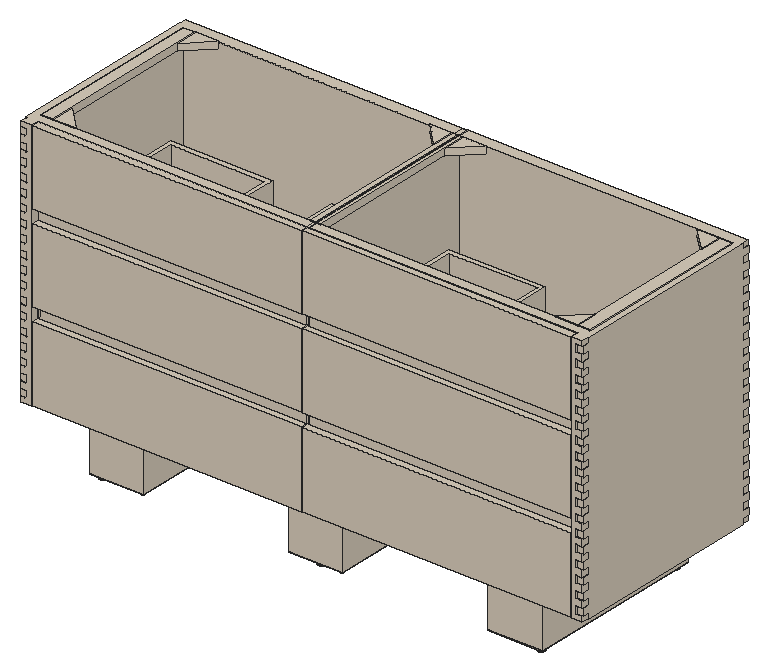
Revit family "Furniture-Floor_Mount-Vanity-KOHLER-Landshapes-K-32299", category Casework, host Face, Revit 2021 (continued)
Definition of nested family "K-32299"
  Automatic sketch dimensions
    Extrusion 14 sketch curve to plane 21 = 0.08428"  (x2)
    Extrusion 14 sketch curve to plane 21 = 0.05058"  (x2)
    Extrusion 14 sketch curve to plane 19 = 0.20239"  (x2)
    Extrusion 14 sketch curve to plane 19 = 0.01382"  (x2)
    plane 19 to Extrusion 14 sketch curve = 0.13349"  (x2)
    plane 20 to Extrusion 14 sketch curve = 0.13349"  (x2)
    Extrusion 14 sketch curve to plane 20 = 0.01382"  (x2)
    Extrusion 14 sketch curve to plane 20 = 0.20239"  (x2)
    Extrusion 14 sketch curve to plane 22 = 0.05058"  (x2)
    Extrusion 14 sketch curve to plane 22 = 0.08428"  (x2)
    Extrusion 14 sketch curve to Extrusion 14 sketch curve = 0.1254"
    Extrusion 14 sketch curve to Extrusion 14 sketch curve = 0.1591"
    Extrusion 14 sketch curve to Extrusion 14 sketch curve = 0.31673"  (x2)
    Extrusion 14 sketch curve to Extrusion 14 sketch curve = 0.03937"  (x6)
    plane 11 to Extrusion 14 sketch curve = 0.07874"  (x2)
    Extrusion 14 sketch curve to plane 11 = 0.03937"  (x2)
    Extrusion 14 sketch curve to plane 11 = 0.11811"  (x2)
    plane 16 to Extrusion 14 sketch curve = 1.13815"  (x2)
    Extrusion 14 sketch curve to Extrusion 14 sketch curve = 0.03938"  (x5)
    Extrusion 14 sketch curve to Extrusion 14 sketch curve = 0.07873"  (x3)
    Extrusion 14 sketch curve to Extrusion 14 sketch curve = 0.01931"  (x4)
    Extrusion 14 sketch curve to Extrusion 14 sketch curve = 0.06603"  (x4)
    Extrusion 14 sketch curve to Extrusion 14 sketch curve = 0.13258"  (x4)
    Extrusion 14 sketch curve to Extrusion 14 sketch curve = 0.26472"  (x4)
    Extrusion 14 sketch curve to Extrusion 14 sketch curve = 0.0152"  (x4)
    Extrusion 14 sketch curve to Extrusion 14 sketch curve = 0.15748"  (x4)
    Extrusion 14 sketch curve to Extrusion 14 sketch curve = 0.28226"  (x4)
    Extrusion 14 sketch curve to Extrusion 14 sketch curve = 0.02417"  (x7)
    Extrusion 14 sketch curve to Extrusion 14 sketch curve = 0.41732"  (x4)
    Extrusion 14 sketch curve to Extrusion 14 sketch curve = 0.02055"  (x4)
    Extrusion 14 sketch curve to Extrusion 14 sketch curve = 0.10665"  (x4)
    Extrusion 14 sketch curve to Extrusion 14 sketch curve = 0.2357"  (x4)
    Extrusion 14 sketch curve to Extrusion 14 sketch curve = 0.4089"
    Extrusion 14 sketch curve to Extrusion 14 sketch curve = 0.06654"  (x3)
    Extrusion 14 sketch curve to Extrusion 14 sketch curve = 0.3937"  (x3)
    Extrusion 14 sketch curve to Extrusion 14 sketch curve = 0.30512"  (x4)
    plane 17 to Extrusion 14 sketch curve = 4.27201"  (x2)
    Extrusion 14 sketch curve to Extrusion 14 sketch curve = 0.33379"
    Revolve 15 sketch curve to level = 0"
    level to Revolve 15 sketch curve = 0.04885"
    plane 15 to Revolve 15 sketch curve = 0.03972"
    Revolve 15 sketch curve to plane 13 = 2.41535"
    Revolve 15 sketch curve to Revolve 15 sketch curve = 0.34485"
    Revolve 15 sketch curve to Revolve 15 sketch curve = 0.16961"
    level to Revolve 15 sketch curve = 0.09531"
    Revolve 15 sketch curve to Revolve 15 sketch curve = 0"
    Revolve 16 sketch curve to level = 0"
    level to Revolve 16 sketch curve = 0.04885"
    plane 15 to Revolve 16 sketch curve = 0.03972"
    plane 19 to Revolve 16 sketch curve = 2.55906"
    Revolve 16 sketch curve to Revolve 16 sketch curve = 0.3937"
    Revolve 16 sketch curve to Revolve 16 sketch curve = 0.16961"
    level to Revolve 16 sketch curve = 0.09531"
    Revolve 16 sketch curve to Revolve 16 sketch curve = 0"
    Masking region 1 sketch curve to plane 7 = 0"
    plane 5 "Front" to Masking region 1 sketch curve = 0"  (x3)
    Masking region 1 sketch curve to plane 10 = 0"
    Masking region 1 sketch curve to plane 29 = 0"
    Masking region 1 sketch curve to plane 9 = 0"
    Masking region 1 sketch curve to plane 37 = 0"
    Masking region 1 sketch curve to Masking region 1 sketch curve = 0.11811"
    plane 10 to Masking region 1 sketch curve = 0.27559"
    plane 29 to Masking region 1 sketch curve = 0.27559"
    Masking region 1 sketch curve to plane 29 = 0.11811"
    Masking region 1 sketch curve to plane 5 "Front" = 0.74803"  (x2)
    Masking region 1 sketch curve to Masking region 1 sketch curve = 0.07874"  (x2)
    Masking region 2 sketch curve to plane 6 "Top" = 0"
    Masking region 2 sketch curve to plane 7 = 0"
    Masking region 2 sketch curve to plane 16 = 0"  (x4)
    Masking region 2 sketch curve to plane 15 = 0"  (x6)
    Masking region 2 sketch curve to level = 0"  (x3)
    Masking region 2 sketch curve to plane 2 "Center (Left/Right)" = 0"
    plane 8 to Masking region 2 sketch curve = 0"
    plane 28 "2" to Masking region 2 sketch curve = 0"  (x2)
    plane 37 to Masking region 2 sketch curve = 0"
    plane 15 to Masking region 2 sketch curve = 0.11811"  (x6)
    plane 19 to Masking region 2 sketch curve = 2.04724"
    Masking region 2 sketch curve to Masking region 2 sketch curve = 0.11811"  (x6)
    level to Masking region 2 sketch curve = 0.07607"  (x6)
    Masking region 2 sketch curve to Masking region 2 sketch curve = 0.19685"  (x2)
    Masking region 2 sketch curve to Masking region 2 sketch curve = 0.31763"  (x4)
    plane 13 to Masking region 2 sketch curve = 2.51575"
    plane 2 "Center (Left/Right)" to Masking region 2 sketch curve = 2.75591"
    Masking region 2 sketch curve to plane 22 = 0.28414"
    plane 8 to Masking region 2 sketch curve = 0.3937"
    Masking region 2 sketch curve to plane 8 = 0.31763"
    Masking region 2 sketch curve to plane 36 = 0.38516"
    plane 31 to Masking region 2 sketch curve = 2.67323"
    Masking region 2 sketch curve to plane 31 = 2.12992"
    Masking region 3 sketch curve to plane 9 = 0"
    plane 6 "Top" to Masking region 3 sketch curve = 0"
    Masking region 3 sketch curve to plane 16 = 0"  (x2)
    Masking region 3 sketch curve to plane 23 = 0"
    Masking region 3 sketch curve to plane 15 = 0"  (x3)
    Masking region 3 sketch curve to level = 0"  (x2)
    Masking region 3 sketch curve to plane 25 = 0"
    Masking region 3 sketch curve to plane 5 "Front" = 0"
    Masking region 3 sketch curve to plane 9 = 0.07874"
    plane 23 to Masking region 3 sketch curve = 0.11811"
    Masking region 3 sketch curve to Masking region 3 sketch curve = 0.19685"  (x2)
    Masking region 3 sketch curve to Masking region 3 sketch curve = 0.0701"  (x2)
    level to Masking region 3 sketch curve = 0.0701"  (x2)
    plane 25 to Masking region 3 sketch curve = 0.35804"
    Masking region 3 sketch curve to plane 24 = 0.35477"
    plane 24 to Masking region 3 sketch curve = 0.07338"
    Masking region 3 sketch curve to Masking region 3 sketch curve = 0.28423"
    plane 15 to Masking region 3 sketch curve = 0.11811"  (x2)
    Masking region 3 sketch curve to Masking region 3 sketch curve = 0.11811"
    Masking region 3 sketch curve to plane 5 "Front" = 0.07874"
    Masking region 3 sketch curve to Masking region 3 sketch curve = 0.07874"  (x2)
    curve 165 to plane 9 = 0"
    curve 218 to plane 9 = 0"
    curve 217 to plane 9 = 0"
    curve 215 to plane 9 = 0"
    curve 214 to plane 9 = 0"
    curve 167 to plane 9 = 0"
    curve 212 to plane 9 = 0"
    curve 211 to plane 9 = 0"
    curve 169 to plane 9 = 0"
    curve 209 to plane 9 = 0"
    curve 208 to plane 9 = 0"
    curve 170 to plane 9 = 0"
    curve 206 to plane 9 = 0"
    curve 205 to plane 9 = 0"
    curve 172 to plane 9 = 0"
    curve 203 to plane 9 = 0"
    curve 202 to plane 9 = 0"
    curve 173 to plane 9 = 0"
    curve 200 to plane 9 = 0"
    curve 199 to plane 9 = 0"
    curve 175 to plane 9 = 0"
    curve 197 to plane 9 = 0"
    curve 196 to plane 9 = 0"
    curve 176 to plane 9 = 0"
    curve 194 to plane 9 = 0"
    curve 193 to plane 9 = 0"
    curve 178 to plane 9 = 0"
    curve 220 to plane 9 = 0"
    curve 191 to plane 9 = 0"
    curve 179 to plane 9 = 0"
    curve 190 to plane 9 = 0"
    curve 188 to plane 9 = 0"
    curve 181 to plane 9 = 0"
    curve 187 to plane 9 = 0"
    curve 185 to plane 9 = 0"
    curve 182 to plane 9 = 0"
    curve 184 to plane 9 = 0"
    curve 183 to plane 23 = 0"
    curve 185 to plane 23 = 0"
    curve 181 to plane 23 = 0"
    curve 188 to plane 23 = 0"
    curve 191 to plane 23 = 0"
    curve 178 to plane 23 = 0"
    curve 194 to plane 23 = 0"
    curve 197 to plane 23 = 0"
    curve 175 to plane 23 = 0"
    curve 200 to plane 23 = 0"
    curve 203 to plane 23 = 0"
    curve 172 to plane 23 = 0"
    curve 206 to plane 23 = 0"
    curve 209 to plane 23 = 0"
    curve 169 to plane 23 = 0"
    curve 212 to plane 23 = 0"
    curve 215 to plane 23 = 0"
    plane 6 "Top" to curve 166 = 0"
    curve 166 to plane 23 = 0"
    curve 218 to plane 23 = 0"
    curve 221 to plane 23 = 0"
    curve 222 to plane 15 = 0"
    plane 6 "Top" to curve 224 = 0"
    curve 277 to plane 16 = 0"
    curve 260 to plane 5 "Front" = 0"
    curve 258 to plane 5 "Front" = 0"
    curve 263 to plane 5 "Front" = 0"
    curve 257 to plane 5 "Front" = 0"
    curve 255 to plane 5 "Front" = 0"
    curve 264 to plane 5 "Front" = 0"
    curve 254 to plane 5 "Front" = 0"
    curve 252 to plane 5 "Front" = 0"
    curve 266 to plane 5 "Front" = 0"
    curve 251 to plane 5 "Front" = 0"
    curve 249 to plane 5 "Front" = 0"
    curve 267 to plane 5 "Front" = 0"
    curve 248 to plane 5 "Front" = 0"
    curve 246 to plane 5 "Front" = 0"
    curve 269 to plane 5 "Front" = 0"
    curve 245 to plane 5 "Front" = 0"
    curve 243 to plane 5 "Front" = 0"
    curve 270 to plane 5 "Front" = 0"
    curve 242 to plane 5 "Front" = 0"
    curve 240 to plane 5 "Front" = 0"
    curve 272 to plane 5 "Front" = 0"
    curve 239 to plane 5 "Front" = 0"
    curve 237 to plane 5 "Front" = 0"
    curve 273 to plane 5 "Front" = 0"
    curve 236 to plane 5 "Front" = 0"
    curve 234 to plane 5 "Front" = 0"
    curve 275 to plane 5 "Front" = 0"
    curve 233 to plane 5 "Front" = 0"
    curve 231 to plane 5 "Front" = 0"
    curve 276 to plane 5 "Front" = 0"
    curve 230 to plane 5 "Front" = 0"
    curve 228 to plane 5 "Front" = 0"
    curve 227 to plane 5 "Front" = 0"
    curve 261 to plane 5 "Front" = 0"
    curve 225 to plane 5 "Front" = 0"
    curve 223 to plane 5 "Front" = 0"
    curve 224 to curve 223 = 0.74803"
    curve 226 to curve 227 = 0.74803"
    curve 228 to curve 228 = 0.74803"
    curve 277 to curve 276 = 0.74803"
    curve 231 to curve 231 = 0.74803"
    curve 275 to curve 276 = 0"
    curve 234 to curve 234 = 0.74803"
    curve 237 to curve 237 = 0.74803"
    curve 272 to curve 272 = 0.74803"
    curve 240 to curve 240 = 0.74803"
    curve 243 to plane 18 = 0.05906"
    curve 243 to curve 243 = 0.74803"
    curve 269 to curve 269 = 0.74803"
    curve 246 to curve 246 = 0.74803"
    curve 249 to curve 249 = 0.74803"
    curve 266 to curve 266 = 0.74803"
    curve 252 to curve 252 = 0.74803"
    curve 255 to curve 255 = 0.74803"
    curve 263 to curve 263 = 0.74803"
    curve 258 to curve 258 = 0.74803"
    curve 277 to curve 276 = 0.57087"
    curve 219 to curve 219 = 0.57087"
    curve 276 to curve 275 = 0.74803"
    curve 218 to curve 216 = 0.74803"
    curve 274 to curve 274 = 0.74803"
    curve 216 to curve 215 = 0.74803"
    curve 273 to curve 272 = 0.74803"
    curve 215 to curve 214 = 0.74803"
    curve 213 to curve 213 = 0.74803"
    curve 271 to curve 271 = 0.74803"
    curve 212 to curve 210 = 0.74803"
    curve 270 to curve 269 = 0.74803"
    curve 209 to plane 17 = 0.03543"
    curve 267 to plane 17 = 0.03543"
    plane 17 to curve 208 = 0.7126"
    plane 17 to curve 266 = 0.7126"
    curve 207 to curve 206 = 0.74803"
    curve 265 to curve 265 = 0.74803"
    curve 264 to curve 263 = 0.74803"
    curve 206 to curve 205 = 0.74803"
    curve 262 to curve 261 = 0.74803"
    curve 204 to curve 204 = 0.74803"
    curve 203 to curve 201 = 0.74803"
    curve 261 to curve 259 = 0.74803"
    curve 201 to curve 201 = 0.74803"
    curve 259 to curve 258 = 0.74803"
    curve 200 to curve 198 = 0.74803"
    curve 258 to curve 256 = 0.74803"
    curve 198 to curve 198 = 0.74803"
    curve 256 to curve 255 = 0.74803"
    curve 197 to curve 196 = 0.74803"
    curve 255 to curve 253 = 0.74803"
    curve 253 to curve 252 = 0.74803"
    curve 195 to curve 195 = 0.74803"
    curve 252 to curve 250 = 0.74803"
    curve 194 to curve 193 = 0.74803"
    curve 250 to curve 249 = 0.74803"
    curve 192 to curve 191 = 0.74803"
    curve 191 to curve 190 = 0.74803"
    curve 249 to curve 248 = 0.74803"
    curve 247 to curve 246 = 0.74803"
    curve 189 to curve 188 = 0.74803"
    curve 188 to curve 187 = 0.74803"
    curve 245 to curve 243 = 0.74803"
    curve 185 to plane 18 = 0.05906"
    plane 18 to curve 241 = 0.68898"
    plane 18 to curve 183 = 0.68898"
    curve 241 to curve 241 = 0.74803"
    curve 183 to curve 182 = 0.74803"
    curve 240 to curve 238 = 0.74803"
    curve 182 to curve 180 = 0.74803"
    curve 180 to curve 180 = 0.74803"
    curve 238 to curve 238 = 0.74803"
    curve 237 to curve 235 = 0.74803"
    curve 179 to curve 178 = 0.74803"
    curve 235 to curve 235 = 0.74803"
    curve 177 to curve 176 = 0.74803"
    curve 176 to curve 174 = 0.74803"
    curve 234 to curve 232 = 0.74803"
    curve 232 to curve 232 = 0.74803"
    curve 174 to curve 173 = 0.74803"
    curve 231 to curve 229 = 0.74803"
    curve 173 to curve 172 = 0.74803"
    curve 171 to curve 170 = 0.74803"
    curve 229 to curve 228 = 0.74803"
    curve 170 to curve 168 = 0.74803"
    curve 228 to curve 226 = 0.74803"
    curve 226 to curve 226 = 0.74803"
    curve 168 to curve 168 = 0.74803"
    curve 165 to curve 166 = 0.57087"
    curve 224 to curve 224 = 0.57087"
    plane 23 to curve 222 = 0.11811"
    level to curve 278 = 0.0701"
    curve 222 to curve 278 = 0.19685"
    plane 25 to curve 278 = 0.42815"
    level to curve 279 = 0.0701"
    curve 279 to plane 24 = 0.35477"
    plane 24 to curve 279 = 0.42771"
    curve 279 to curve 222 = 0.20221"
    curve 222 to curve 221 = 0.11811"
    curve 220 to plane 5 "Front" = 0.00984"
    plane 15 to curve 221 = 0.11811"
    plane 18 to Extrusion 17 sketch curve = 1.81102"
    Extrusion 17 sketch curve to plane 24 = 4.7412"
    plane 18 to Extrusion 17 sketch curve = 0.97586"
    Extrusion 17 sketch curve to Extrusion 17 sketch curve = 0.83517"  (x2)
    Extrusion 17 sketch curve to plane 24 = 0.73964"
    plane 24 to Extrusion 17 sketch curve = 0.09553"
    Extrusion 17 sketch curve to plane 5 "Front" = 1.15852"
    Extrusion 17 sketch curve to Extrusion 17 sketch curve = 2.67717"
    plane 18 to Extrusion 18 sketch curve = 1.81102"
    Extrusion 18 sketch curve to plane 24 = 4.7412"
    plane 18 to Extrusion 18 sketch curve = 0.97586"
    Extrusion 18 sketch curve to Extrusion 18 sketch curve = 0.83517"  (x2)
    Extrusion 18 sketch curve to plane 24 = 0.73964"
    plane 24 to Extrusion 18 sketch curve = 0.09553"
    Extrusion 18 sketch curve to plane 5 "Front" = 1.15852"
    Extrusion 18 sketch curve to Extrusion 18 sketch curve = 2.67717"
    plane 23 to Extrusion 20 sketch curve = 0"
    plane 24 to Extrusion 20 sketch curve = 0.74803"
    plane 19 to Extrusion 20 sketch curve = 2.04724"
    plane 13 to Extrusion 20 sketch curve = 2.63386"
    Extrusion 22 sketch curve to Extrusion 22 sketch curve = 0"  (x4)
    plane 24 to Extrusion 22 sketch curve = 0"  (x2)
    plane 25 to Extrusion 22 sketch curve = 0.07874"  (x2)
    Extrusion 22 sketch curve to plane 13 = 2.41535"  (x2)
    Extrusion 22 sketch curve to plane 8 = 0.01969"  (x2)
    Extrusion 22 sketch curve to Extrusion 22 sketch curve = 0.3937"
    plane 8 to Extrusion 22 sketch curve = 0.37402"
    Extrusion 23 sketch curve to plane 25 = 0.23622"
    Extrusion 23 sketch curve to plane 10 = 0.61024"
    plane 8 to Extrusion 23 sketch curve = 0.49213"
    plane 24 to Extrusion 23 sketch curve = 0.7874"
    plane 23 to Sweep 24 sketch curve = 0"
    plane 24 to Sweep 24 sketch curve = 0.74803"
    plane 33 to Sweep 24 sketch curve = 2.04724"
    plane 31 to Sweep 24 sketch curve = 2.63386"
    profile plane to Sweep 24 sketch curve = 0"
    profile plane to Sweep 24 sketch curve = 0.11832"
    Sweep 24 sketch curve to Sweep 24 sketch curve = 0.07853"
    level to Sweep 24 sketch curve = 0.3151"
    Sweep 24 sketch curve to Sweep 24 sketch curve = 0.11832"
    Sweep 24 sketch curve to Sweep 24 sketch curve = 5.7874"
    plane 23 to Sweep 25 sketch curve = 0"
    Sweep 25 sketch curve to plane 22 = 0.25591"
    Sweep 25 sketch curve to plane 36 = 0.29528"
    plane 24 to Sweep 25 sketch curve = 0.74803"
    profile plane to Sweep 25 sketch curve = 0"
    Sweep 25 sketch curve to profile plane = 0.11832"
    Sweep 25 sketch curve to profile plane = 0.19685"
    level to Sweep 25 sketch curve = 0.3151"
    Sweep 25 sketch curve to Sweep 25 sketch curve = 0.11832"
    Sweep 25 sketch curve to Sweep 25 sketch curve = 5.7874"
    plane 23 to Extrusion 26 sketch curve = 0.19685"  (x2)
    plane 33 to Extrusion 26 sketch curve = 2.24409"
    plane 24 to Extrusion 26 sketch curve = 0.55118"  (x2)
    plane 31 to Extrusion 26 sketch curve = 2.43701"
    Extrusion 26 sketch curve to plane 36 = 0.49213"
    Extrusion 26 sketch curve to plane 22 = 0.45276"
    plane 5 "Front" to Extrusion 27 sketch curve = 0"
    Extrusion 27 sketch curve to plane 37 = 0"
    Extrusion 27 sketch curve to plane 9 = 0"
    Extrusion 27 sketch curve to plane 25 = 0.19685"
    Extrusion 27 sketch curve to plane 29 = 0.61024"
    Extrusion 27 sketch curve to plane 29 = 0.21654"
    Extrusion 27 sketch curve to plane 29 = 0.11811"
    Extrusion 27 sketch curve to plane 8 = 0.35433"
    plane 8 to Extrusion 27 sketch curve = 0.05906"
    plane 8 to Extrusion 27 sketch curve = 0.3937"
    plane 24 to Extrusion 27 sketch curve = 0.82677"
    Extrusion 27 sketch curve to plane 5 "Front" = 0.82677"
    Extrusion 28 sketch curve to plane 5 "Front" = 0"  (x18)
    Extrusion 28 sketch curve to plane 23 = 0"  (x19)
    Extrusion 28 sketch curve to plane 9 = 0"  (x18)
    Extrusion 28 sketch curve to plane 16 = 0.1965"  (x2)
    plane 5 "Front" to Extrusion 28 sketch curve = 0.82677"
    Extrusion 28 sketch curve to Extrusion 28 sketch curve = 0.74803"  (x77)
    Extrusion 28 sketch curve to Extrusion 28 sketch curve = 0"  (x2)
    plane 9 to Extrusion 28 sketch curve = 0.82677"
    plane 16 to Extrusion 28 sketch curve = 0.61059"  (x2)
    Extrusion 28 sketch curve to plane 17 = 0.74374"  (x2)
    plane 17 to Extrusion 28 sketch curve = 0.00429"  (x2)
    Extrusion 28 sketch curve to plane 18 = 0.01933"  (x2)
    plane 18 to Extrusion 28 sketch curve = 0.7287"  (x2)
    plane 6 "Top" to Extrusion 28 sketch curve = 0.53114"  (x2)
    Extrusion 28 sketch curve to plane 6 "Top" = 0.03972"  (x2)
    plane 37 to Extrusion 29 sketch curve = 0"  (x19)
    Extrusion 29 sketch curve to plane 6 "Top" = 0.25626"
    Extrusion 29 sketch curve to Extrusion 29 sketch curve = 0.59055"
    Extrusion 29 sketch curve to plane 29 = 0.61024"  (x18)
    Extrusion 29 sketch curve to plane 18 = 0.01933"
    plane 6 "Top" to Extrusion 29 sketch curve = 0.53114"
    Extrusion 29 sketch curve to Extrusion 29 sketch curve = 0.74803"  (x30)
    plane 18 to Extrusion 29 sketch curve = 0.7287"
    plane 17 to Extrusion 29 sketch curve = 0.00429"
    Extrusion 29 sketch curve to plane 17 = 0.74374"
    plane 16 to Extrusion 29 sketch curve = 0.61059"
    Extrusion 29 sketch curve to plane 16 = 0.37366"
    plane 29 to Extrusion 30 sketch curve = 0"  (x3)
    Extrusion 30 sketch curve to plane 8 = 0.05906"  (x3)
    plane 6 "Top" to Extrusion 30 sketch curve = 0.03902"
    plane 18 to Extrusion 30 sketch curve = 2.12634"
    plane 18 to Extrusion 30 sketch curve = 0.66964"
    plane 17 to Extrusion 30 sketch curve = 4.5909"
    Extrusion 30 sketch curve to Extrusion 30 sketch curve = 1.45669"
    plane 16 to Extrusion 30 sketch curve = 0.03972"
    Extrusion 31 sketch curve to plane 25 = 0.19685"
    Extrusion 31 sketch curve to plane 29 = 0.61024"
    Extrusion 31 sketch curve to plane 30 = 0.61024"
    plane 24 to Extrusion 31 sketch curve = 0.82677"
    Extrusion 32 sketch curve to plane 29 = 0.61024"
    plane 29 to Extrusion 32 sketch curve = 0.70866"
    plane 33 to Extrusion 32 sketch curve = 0.63386"  (x2)
    Extrusion 32 sketch curve to plane 25 = 0.19685"  (x2)
    Extrusion 32 sketch curve to plane 36 = 0.17717"
    Extrusion 32 sketch curve to plane 8 = 0.54724"
    Extrusion 32 sketch curve to plane 11 = 1.34252"
    plane 25 to Extrusion 32 sketch curve = 2.30709"  (x2)
    Extrusion 32 sketch curve to plane 24 = 1.67717"
    plane 24 to Extrusion 32 sketch curve = 0.82677"  (x2)
    plane 29 to Extrusion 33 sketch curve = 0.70866"  (x2)
    Extrusion 33 sketch curve to Extrusion 33 sketch curve = 0.04205"  (x8)
    Extrusion 33 sketch curve to plane 8 = 0.58929"  (x2)
    Extrusion 33 sketch curve to plane 25 = 0.19685"  (x2)
    plane 25 to Extrusion 33 sketch curve = 2.26504"  (x2)
    Extrusion 33 sketch curve to plane 24 = 1.67717"  (x2)
    plane 24 to Extrusion 33 sketch curve = 0.82677"  (x2)
    plane 29 to Extrusion 35 sketch curve = 0.27559"
    Extrusion 35 sketch curve to Extrusion 35 sketch curve = 0.3937"
    plane 30 to Extrusion 35 sketch curve = 0.86614"
    plane 30 to Extrusion 35 sketch curve = 0.27559"
    plane 25 to Extrusion 35 sketch curve = 2.51969"
    Extrusion 35 sketch curve to Extrusion 35 sketch curve = 0.51181"
    Extrusion 35 sketch curve to plane 5 "Front" = 1.29921"
    Extrusion 35 sketch curve to plane 5 "Front" = 0.7874"
    plane 29 to Extrusion 36 sketch curve = 0.66929"
    Extrusion 36 sketch curve to plane 8 = 0.09843"
    Extrusion 36 sketch curve to plane 5 "Front" = 0.90551"
    plane 29 to Extrusion 37 sketch curve = 0.66929"
    plane 30 to Extrusion 37 sketch curve = 0.86614"
    plane 12 to Extrusion 37 sketch curve = 2.32283"
    Extrusion 37 sketch curve to plane 5 "Front" = 0.90551"
    plane 29 to Extrusion 38 sketch curve = 0"  (x2)
    Extrusion 38 sketch curve to plane 30 = 0"  (x2)
    Extrusion 38 sketch curve to plane 29 = 0.03937"  (x2)
    Extrusion 38 sketch curve to Extrusion 38 sketch curve = 0.07874"  (x8)
    Extrusion 38 sketch curve to plane 29 = 0.11811"  (x2)
    Extrusion 38 sketch curve to Extrusion 38 sketch curve = 0.19685"  (x4)
    plane 29 to Extrusion 38 sketch curve = 0.07874"  (x2)
    Extrusion 38 sketch curve to Extrusion 38 sketch curve = 0"  (x16)
    plane 29 to Extrusion 38 sketch curve = 0.66929"  (x2)
    Extrusion 38 sketch curve to Extrusion 38 sketch curve = 0.10128"  (x4)
    Extrusion 38 sketch curve to Extrusion 38 sketch curve = 0.30479"  (x4)
    Extrusion 38 sketch curve to Extrusion 38 sketch curve = 0.01518"  (x4)
    Extrusion 38 sketch curve to Extrusion 38 sketch curve = 0.13257"  (x3)
    Extrusion 38 sketch curve to Extrusion 38 sketch curve = 0.14775"
    Extrusion 38 sketch curve to Extrusion 38 sketch curve = 0.10365"  (x4)
    Extrusion 38 sketch curve to Extrusion 38 sketch curve = 0.14302"  (x2)
    Extrusion 38 sketch curve to Extrusion 38 sketch curve = 0.02419"  (x4)
    Extrusion 38 sketch curve to plane 35 = 0.20968"
    Extrusion 38 sketch curve to Extrusion 38 sketch curve = 0.19133"
    Extrusion 38 sketch curve to plane 35 = 0.08428"  (x2)
    Extrusion 38 sketch curve to plane 35 = 0.05058"  (x2)
    Extrusion 38 sketch curve to plane 33 = 0.20239"  (x2)
    Extrusion 38 sketch curve to plane 33 = 0.01382"  (x2)
    plane 33 to Extrusion 38 sketch curve = 0.13349"  (x2)
    plane 34 to Extrusion 38 sketch curve = 0.13349"  (x2)
    Extrusion 38 sketch curve to plane 34 = 0.01382"  (x2)
    Extrusion 38 sketch curve to plane 34 = 0.20239"  (x2)
    Extrusion 38 sketch curve to plane 36 = 0.05058"  (x2)
    Extrusion 38 sketch curve to plane 36 = 0.08428"  (x2)
    Extrusion 38 sketch curve to Extrusion 38 sketch curve = 0.1254"
    Extrusion 38 sketch curve to Extrusion 38 sketch curve = 0.1591"
    Extrusion 38 sketch curve to Extrusion 38 sketch curve = 0.31673"  (x2)
    Extrusion 38 sketch curve to Extrusion 38 sketch curve = 0.03937"  (x6)
    plane 30 to Extrusion 38 sketch curve = 0.07874"  (x2)
    Extrusion 38 sketch curve to plane 30 = 0.03937"  (x2)
    Extrusion 38 sketch curve to plane 30 = 0.11811"  (x2)
    plane 17 to Extrusion 38 sketch curve = 5.585"  (x2)
    Extrusion 38 sketch curve to Extrusion 38 sketch curve = 0.30512"  (x4)
    Extrusion 38 sketch curve to Extrusion 38 sketch curve = 0.34449"  (x2)
    Extrusion 38 sketch curve to Extrusion 38 sketch curve = 0.06654"  (x4)
    Extrusion 38 sketch curve to Extrusion 38 sketch curve = 0.33379"  (x4)
    Extrusion 38 sketch curve to Extrusion 38 sketch curve = 0.2357"  (x4)
    Extrusion 38 sketch curve to Extrusion 38 sketch curve = 0.02055"  (x4)
    Extrusion 38 sketch curve to Extrusion 38 sketch curve = 0.4089"  (x4)
    Extrusion 38 sketch curve to Extrusion 38 sketch curve = 0.10665"  (x4)
    Extrusion 38 sketch curve to Extrusion 38 sketch curve = 0.02417"  (x4)
    Extrusion 38 sketch curve to Extrusion 38 sketch curve = 0.15748"  (x4)
    Extrusion 38 sketch curve to Extrusion 38 sketch curve = 0.0152"  (x4)
    Extrusion 38 sketch curve to Extrusion 38 sketch curve = 0.28226"  (x4)
    Extrusion 38 sketch curve to Extrusion 38 sketch curve = 0.41732"  (x2)
    Extrusion 38 sketch curve to Extrusion 38 sketch curve = 0.43787"  (x2)
    Extrusion 38 sketch curve to Extrusion 38 sketch curve = 0.13258"  (x4)
    Extrusion 38 sketch curve to Extrusion 38 sketch curve = 0.26472"  (x2)
    Extrusion 38 sketch curve to Extrusion 38 sketch curve = 0.01931"  (x2)
    Extrusion 38 sketch curve to Extrusion 38 sketch curve = 0.03938"  (x3)
    plane 16 to Extrusion 38 sketch curve = 2.45114"  (x2)
    plane 16 to Extrusion 38 sketch curve = 2.10665"  (x2)
    Extrusion 38 sketch curve to Extrusion 38 sketch curve = 0.06603"
    Revolve 39 sketch curve to level = 0"
    level to Revolve 39 sketch curve = 0.04885"
    plane 15 to Revolve 39 sketch curve = 0.03972"
    plane 33 to Revolve 39 sketch curve = 2.3622"
    Revolve 39 sketch curve to Revolve 39 sketch curve = 0.3937"
    Revolve 39 sketch curve to Revolve 39 sketch curve = 0.16961"
    level to Revolve 39 sketch curve = 0.09531"
    Revolve 39 sketch curve to Revolve 39 sketch curve = 0"
    Revolve 40 sketch curve to level = 0"
    level to Revolve 40 sketch curve = 0.04885"
    plane 15 to Revolve 40 sketch curve = 0.03972"
    Revolve 40 sketch curve to plane 31 = 2.56299"
    Revolve 40 sketch curve to Revolve 40 sketch curve = 0.34485"
    Revolve 40 sketch curve to Revolve 40 sketch curve = 0.16961"
    level to Revolve 40 sketch curve = 0.09531"
    Revolve 40 sketch curve to Revolve 40 sketch curve = 0"
    plane 8 to Revolve 41 sketch curve = 0"  (x2)
    Revolve 41 sketch curve to level = 0"
    level to Revolve 41 sketch curve = 0.04885"
    plane 15 to Revolve 41 sketch curve = 0.03972"
    plane 8 to Revolve 41 sketch curve = 0.34485"
    Revolve 41 sketch curve to Revolve 41 sketch curve = 0.16961"
    level to Revolve 41 sketch curve = 0.09531"
    plane 8 to Revolve 42 sketch curve = 0"  (x2)
    Revolve 42 sketch curve to level = 0"
    level to Revolve 42 sketch curve = 0.04885"
    plane 15 to Revolve 42 sketch curve = 0.03972"
    plane 8 to Revolve 42 sketch curve = 0.34485"
    Revolve 42 sketch curve to Revolve 42 sketch curve = 0.16961"
    level to Revolve 42 sketch curve = 0.09531"
    plane 18 to Extrusion 43 sketch curve = 1.81102"
    Extrusion 43 sketch curve to plane 24 = 4.7412"
    plane 18 to Extrusion 43 sketch curve = 0.97586"
    Extrusion 43 sketch curve to Extrusion 43 sketch curve = 0.83517"  (x2)
    Extrusion 43 sketch curve to plane 24 = 0.73964"
    plane 24 to Extrusion 43 sketch curve = 0.09553"
    Extrusion 43 sketch curve to plane 5 "Front" = 1.15852"
    Extrusion 43 sketch curve to Extrusion 43 sketch curve = 2.67717"
    plane 23 to Extrusion 45 sketch curve = 0"  (x2)
    plane 24 to Extrusion 45 sketch curve = 0.74803"  (x2)
    plane 33 to Extrusion 45 sketch curve = 2.08661"
    plane 31 to Extrusion 45 sketch curve = 2.67323"
    Extrusion 45 sketch curve to plane 36 = 0.17717"
    Extrusion 45 sketch curve to plane 22 = 0.37402"
    Extrusion 47 sketch curve to Extrusion 47 sketch curve = 0"  (x4)
    plane 24 to Extrusion 47 sketch curve = 0"  (x2)
    plane 25 to Extrusion 47 sketch curve = 0.07874"  (x2)
    Extrusion 47 sketch curve to plane 31 = 2.50135"  (x2)
    Extrusion 47 sketch curve to plane 8 = 0.01969"  (x2)
    Extrusion 47 sketch curve to Extrusion 47 sketch curve = 0.3937"  (x2)
    Extrusion 48 sketch curve to plane 25 = 0.23622"
    Extrusion 48 sketch curve to plane 29 = 0.61024"
    Extrusion 48 sketch curve to plane 8 = 0.49213"
    plane 24 to Extrusion 48 sketch curve = 0.7874"
    plane 18 to Extrusion 49 sketch curve = 1.81102"
    Extrusion 49 sketch curve to plane 24 = 4.7412"
    plane 18 to Extrusion 49 sketch curve = 0.97586"
    Extrusion 49 sketch curve to Extrusion 49 sketch curve = 0.83517"  (x2)
    Extrusion 49 sketch curve to plane 24 = 0.73964"
    plane 24 to Extrusion 49 sketch curve = 0.09553"
    Extrusion 49 sketch curve to plane 5 "Front" = 1.15852"
    Extrusion 49 sketch curve to Extrusion 49 sketch curve = 2.67717"
    plane 18 to Extrusion 50 sketch curve = 1.81102"
    Extrusion 50 sketch curve to plane 24 = 4.7412"
    plane 18 to Extrusion 50 sketch curve = 0.97586"
    Extrusion 50 sketch curve to Extrusion 50 sketch curve = 0.83517"  (x2)
    Extrusion 50 sketch curve to plane 24 = 0.73964"
    plane 24 to Extrusion 50 sketch curve = 0.09553"
    Extrusion 50 sketch curve to plane 5 "Front" = 1.15852"
    Extrusion 50 sketch curve to Extrusion 50 sketch curve = 2.67717"
    plane 37 to Extrusion 51 sketch curve = 0.03937"
    Extrusion 51 sketch curve to plane 25 = 0.23622"
    Extrusion 51 sketch curve to plane 29 = 0.57087"
    Extrusion 51 sketch curve to plane 29 = 0.17717"
    Extrusion 51 sketch curve to plane 29 = 0.07874"
    Extrusion 51 sketch curve to plane 8 = 0.31496"
    plane 8 to Extrusion 51 sketch curve = 0.09843"
    plane 8 to Extrusion 51 sketch curve = 0.43307"
    plane 9 to Extrusion 51 sketch curve = 0.03937"
    plane 24 to Extrusion 51 sketch curve = 0.7874"
    Extrusion 51 sketch curve to plane 5 "Front" = 0.86614"
    Extrusion 51 sketch curve to plane 5 "Front" = 0.03937"
    Extrusion 52 sketch curve to plane 7 = 0.05906"
    Extrusion 52 sketch curve to plane 10 = 0.66929"
    Extrusion 52 sketch curve to plane 10 = 0.21654"
    Extrusion 52 sketch curve to plane 10 = 0.17717"
    plane 8 to Extrusion 52 sketch curve = 0.35433"  (x2)
    Extrusion 52 sketch curve to Extrusion 52 sketch curve = 0.3937"
    Extrusion 52 sketch curve to plane 5 "Front" = 0.03937"
    Extrusion 52 sketch curve to plane 5 "Front" = 0.86614"
    Extrusion 52 sketch curve to Extrusion 52 sketch curve = 1.06299"
    Extrusion 52 sketch curve to plane 25 = 0.23622"
    plane 9 to Extrusion 52 sketch curve = 0.03937"
    plane 10 to Extrusion 53 sketch curve = 0.03937"  (x3)
    plane 8 to Extrusion 53 sketch curve = 0.01969"  (x3)
    plane 16 to Extrusion 53 sketch curve = 0.03972"
    plane 17 to Extrusion 53 sketch curve = 3.13421"
    Extrusion 53 sketch curve to Extrusion 53 sketch curve = 1.45669"  (x2)
    plane 18 to Extrusion 53 sketch curve = 0.66964"
    plane 6 "Top" to Extrusion 53 sketch curve = 0.03902"
    plane 29 to Extrusion 54 sketch curve = 0.03937"  (x3)
    Extrusion 54 sketch curve to plane 8 = 0.01969"  (x3)
    plane 6 "Top" to Extrusion 54 sketch curve = 0.03902"
    plane 18 to Extrusion 54 sketch curve = 2.12634"
    plane 18 to Extrusion 54 sketch curve = 0.66964"
    plane 17 to Extrusion 54 sketch curve = 4.5909"
    Extrusion 54 sketch curve to Extrusion 54 sketch curve = 1.45669"
    plane 16 to Extrusion 54 sketch curve = 0.03972"
    Extrusion 55 sketch curve to plane 10 = 0.62008"  (x2)
    plane 10 to Extrusion 55 sketch curve = 0.12795"  (x2)
    plane 29 to Extrusion 55 sketch curve = 0.12795"  (x2)
    Extrusion 55 sketch curve to plane 29 = 0.62008"  (x2)
    plane 16 to Extrusion 55 sketch curve = 0.70866"  (x2)
    Extrusion 55 sketch curve to Extrusion 55 sketch curve = 1.9685"  (x4)
    plane 17 to Extrusion 55 sketch curve = 3.2126"  (x2)
    plane 29 to Extrusion 44 sketch curve = 0.17717"
    Extrusion 44 sketch curve to Extrusion 44 sketch curve = 0.3937"  (x3)
    Extrusion 44 sketch curve to plane 5 "Front" = 0.90551"  (x2)
    plane 31 to Extrusion 44 sketch curve = 2.85039"
    Extrusion 44 sketch curve to plane 28 "2" = 2.75591"
    Extrusion 44 sketch curve to Extrusion 44 sketch curve = 0"  (x2)
    plane 32 to Extrusion 44 sketch curve = 2.25984"
    plane 30 to Extrusion 44 sketch curve = 41/256"
    Extrusion 44 sketch curve to plane 30 = 0.21654"
    plane 24 to Extrusion 44 sketch curve = 1.33858"
    plane 24 to Extrusion 44 sketch curve = 0.82677"
    Extrusion 44 sketch curve to plane 24 = 5.51181"
    plane 12 to Extrusion 44 sketch curve = 2.32283"
    Extrusion 44 sketch curve to Extrusion 44 sketch curve = 0.51181"  (x2)
    plane 25 to Extrusion 44 sketch curve = 2.51969"
    plane 29 to Extrusion 34 sketch curve = 0.27559"
    Extrusion 34 sketch curve to Extrusion 34 sketch curve = 0.3937"  (x3)
    Extrusion 34 sketch curve to plane 5 "Front" = 0.90551"  (x2)
    plane 31 to Extrusion 34 sketch curve = 2.75197"
    Extrusion 34 sketch curve to plane 28 "2" = 2.85433"
    Extrusion 34 sketch curve to Extrusion 34 sketch curve = 0"  (x2)
    plane 32 to Extrusion 34 sketch curve = 2.35827"
    plane 30 to Extrusion 34 sketch curve = 0.25858"
    Extrusion 34 sketch curve to plane 30 = 0.11811"
    plane 24 to Extrusion 34 sketch curve = 1.33858"
    plane 24 to Extrusion 34 sketch curve = 0.82677"
    Extrusion 34 sketch curve to plane 24 = 5.51181"
    plane 12 to Extrusion 34 sketch curve = 2.32283"
    Extrusion 34 sketch curve to Extrusion 34 sketch curve = 0.51181"  (x2)
    plane 25 to Extrusion 34 sketch curve = 2.51969"
    plane 10 to Extrusion 19 sketch curve = 0.17717"
    Extrusion 19 sketch curve to Extrusion 19 sketch curve = 0.3937"  (x3)
    plane 13 to Extrusion 19 sketch curve = 2.85039"
    Extrusion 19 sketch curve to plane 2 "Center (Left/Right)" = 2.75591"
    Extrusion 19 sketch curve to Extrusion 19 sketch curve = 0"  (x2)
    Extrusion 19 sketch curve to plane 5 "Front" = 0.90551"  (x2)
    plane 14 to Extrusion 19 sketch curve = 2.25984"
    Extrusion 19 sketch curve to plane 11 = 0.23354"
    Extrusion 19 sketch curve to Extrusion 19 sketch curve = 0.37669"
    plane 24 to Extrusion 19 sketch curve = 1.33858"
    plane 24 to Extrusion 19 sketch curve = 0.82677"
    Extrusion 19 sketch curve to plane 24 = 5.51181"
    plane 12 to Extrusion 19 sketch curve = 2.32283"  (x2)
    Extrusion 19 sketch curve to Extrusion 19 sketch curve = 0.51181"  (x2)
    plane 10 to Extrusion 10 sketch curve = 0.27559"
    Extrusion 10 sketch curve to Extrusion 10 sketch curve = 0.3937"  (x3)
    Extrusion 10 sketch curve to plane 5 "Front" = 0.90551"  (x2)
    plane 13 to Extrusion 10 sketch curve = 2.94882"
    Extrusion 10 sketch curve to plane 2 "Center (Left/Right)" = 2.65748"
    Extrusion 10 sketch curve to Extrusion 10 sketch curve = 0"  (x2)
    plane 14 to Extrusion 10 sketch curve = 2.16142"
    plane 11 to Extrusion 10 sketch curve = 0.06173"
    Extrusion 10 sketch curve to plane 11 = 0.31496"
    plane 24 to Extrusion 10 sketch curve = 1.33858"
    plane 24 to Extrusion 10 sketch curve = 0.82677"
    Extrusion 10 sketch curve to plane 24 = 5.51181"
    plane 12 to Extrusion 10 sketch curve = 2.32283"  (x2)
    Extrusion 10 sketch curve to Extrusion 10 sketch curve = 0.51181"  (x2)
    plane 23 to Extrusion 12 sketch curve = 3.18898"  (x2)
    plane 10 to Extrusion 12 sketch curve = 0.66929"
    Extrusion 12 sketch curve to plane 2 "Center (Left/Right)" = 2.75591"
    plane 14 to Extrusion 12 sketch curve = 2.25984"
    plane 8 to Extrusion 12 sketch curve = 0.29528"
    Extrusion 12 sketch curve to plane 24 = 5.90551"
    Extrusion 12 sketch curve to plane 5 "Front" = 0.90551"
    plane 10 to Extrusion 21 sketch curve = 0.70866"
    Extrusion 21 sketch curve to plane 2 "Center (Left/Right)" = 2.75591"
    plane 14 to Extrusion 21 sketch curve = 2.25984"
    Extrusion 21 sketch curve to plane 8 = 0.09843"
    Extrusion 21 sketch curve to plane 5 "Front" = 0.82677"
    plane 25 to Extrusion 21 sketch curve = 2.51969"  (x2)
    Extrusion 21 sketch curve to plane 24 = 5.90551"
    plane 29 to Extrusion 46 sketch curve = 0.70866"
    Extrusion 46 sketch curve to plane 28 "2" = 2.75591"
    Extrusion 46 sketch curve to plane 8 = 0.49213"
    plane 25 to Extrusion 46 sketch curve = 2.51969"  (x2)
    Extrusion 46 sketch curve to plane 24 = 5.90551"
    Extrusion 46 sketch curve to plane 5 "Front" = 0.82677"
    plane 32 to Extrusion 46 sketch curve = 2.25984"
    Extrusion 36 sketch curve to plane 28 "2" = 2.75591"
    Extrusion 36 sketch curve to plane 24 = 5.90551"
    plane 32 to Extrusion 36 sketch curve = 2.25984"
    plane 25 to Extrusion 36 sketch curve = 2.55906"  (x2)
    Extrusion 56 sketch curve to plane 2 "Center (Left/Right)" = 2.68701"
    plane 17 to Extrusion 56 sketch curve = 0.61417"  (x2)
    plane 14 to Extrusion 56 sketch curve = 2.19094"
    plane 32 to Extrusion 56 sketch curve = 2.19094"
    Extrusion 56 sketch curve to plane 28 "2" = 2.68701"
    Extrusion 56 sketch curve to Extrusion 56 sketch curve = 2.59843"  (x2)
    Extrusion 57 sketch curve to plane 11 = 0.31496"
    Extrusion 57 sketch curve to plane 30 = 0.21654"
    plane 29 to Extrusion 57 sketch curve = 0.27559"
    plane 18 to Extrusion 57 sketch curve = 4.48819"
    Extrusion 57 sketch curve to Extrusion 57 sketch curve = 0"
    plane 6 "Top" to Extrusion 57 sketch curve = 1.41732"  (x2)
    plane 10 to Extrusion 57 sketch curve = 0.27559"
    radius of Extrusion 22 sketch curve = 0.3937"  (x2)
    radius of Extrusion 47 sketch curve = 0.3937"  (x2)
